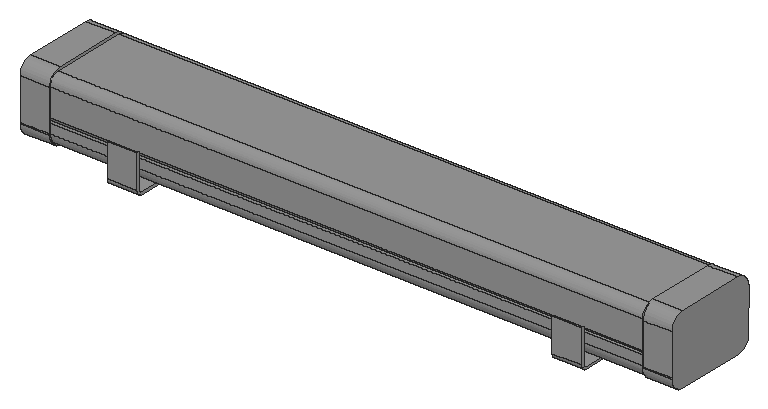
Revit family "EURS_63_LF_FB_Pacific LED_WT490C L700", category Lighting Fixtures, host Face, Revit 2019
Family settings
  Host = Face
  Round Connector Dimension = Use Diameter
  Part Type = Normal
  Cut with Voids When Loaded = No
  Light Source = No
  Shared = Yes
  Room Calculation Point = No
Parameters
  Width = 96 mm
  Visibility 2D symbol [instance] = not(Visibility 2D outline)  # yes
  Visibility 2D outline [instance] = no
  URL = "http://www.lighting.philips.com/main/home"
  Type Comments = "Face Based"
  Side = 30 mm
  Product catalog - URL = "http://www.lighting.philips.com/main/prof/indoor-luminaires/waterproof-and-cleanroom/waterproof-luminaires/pacific-led-gen4/910925863792_EU/product"
  Order code = ""
  Model = "WT490C L700"
  Manufacturer = "Philips"
  Light source = 82 mm
  Light loss factor = ""
  Length = 660 mm
  Last IES update = "23-11-2021"
  Lamp type = WT490C IES Data : PSD EL3 L700 1 xLED23S_830 NB-HRO
  Lamp = "LAMP TYPE"
  Initial luminous flux (lm) = ""
  Init. Corr. Color Temperature (K) = ""
  Hanger distance = 420 mm
  Hanger = 30 mm
  Fixture code = ""
  ETIM code URL = ""
  ETIM code = ""
  EOC = "EOC CODE"
  Description = "PacificLED Gen5"
  Default Elevation = 0 mm
  Content version = "1.0"
  Content modified date = "23-11-2021"
  Content creation date = "29-07-2021"
  Content Creator = "https://www.cadac.com/bimcontent"
  BIM Library - URL = "http://www.lighting.philips.com/main/support/support/revit-library#page=1"
  Armatuurcode [instance] = ""
  Apparent Load = 15.1 VA
  12NC = ""
Reference planes
  plane 1 "Center (Front/Back)": y = 0
  plane 2: z = 0
  plane 3 "Center (Left/Right)": x = 0
  plane 4: y = 48
  plane 5: y = -48
  plane 6: x = -330
  plane 7: x = 330
  plane 8: x = -210
  plane 9: x = 210
  plane 10 "Light source": z = 82
Forms (mm)
  Extrusion 1, solid, material "Polycarbonate"
    sketch origin (0, 0, 0) x (0, 1, 0) y (0, 0, 1)
      loop
        line (48, 25.295) -> (48, 35.5)
        arc (48, 35.5) -> (47.268, 37.268) -> (45.5, 38) r 2.5
        line (45.5, 38) -> (36, 38) -> (36, 58) -> (-36, 58) -> (-36, 38) -> (-45.5, 38)
        arc (-45.5, 38) -> (-47.268, 37.268) -> (-48, 35.5) r 2.5
        line (-48, 35.5) -> (-48, 25.295)
        arc (-48, 25.295) -> (-44.106, 15.894) -> (-34.705, 12) r 13.295
        line (-34.705, 12) -> (34.705, 12)
        arc (34.705, 12) -> (44.106, 15.894) -> (48, 25.295) r 13.295
    from -300 to 300
  Extrusion 2, solid, material "Polycarbonate-clear"
    sketch origin (0, 0, 0) x (0, 1, 0) y (0, 0, 1)
      loop
        arc (47.685, 38) -> (47.92, 38.568) -> (48, 39.178) r 2.359
        line (48, 39.178) -> (48, 68.018)
        arc (48, 68.018) -> (45.068, 75.097) -> (37.988, 78.03) r 10.012
        line (37.988, 78.03) -> (-38.064, 78.03)
        arc (-38.064, 78.03) -> (-45.179, 75.082) -> (-48.126, 67.967) r 10.062
        line (-48.126, 67.967) -> (-48.126, 39.501)
        arc (-48.126, 39.501) -> (-48.013, 38.719) -> (-47.685, 38) r 2.775
        line (-47.685, 38) -> (47.685, 38)
    from -300 to 300
  Extrusion 3, solid, material "Steel"
    sketch origin (0, 0, 0) x (0, 1, 0) y (0, 0, 1)
      loop
        line (48, 38) -> (48, 5.933)
        arc (48, 5.933) -> (46.848, 3.152) -> (44.067, 2) r 3.933
        line (44.067, 2) -> (-44.067, 2)
        arc (-44.067, 2) -> (-46.848, 3.152) -> (-48, 5.933) r 3.933
        line (-48, 5.933) -> (-48, 38) -> (-41, 38) -> (-41, 40) -> (-50, 40) -> (-50, 5.933)
        arc (-50, 5.933) -> (-48.262, 1.738) -> (-44.067, 0) r 5.933
        line (-44.067, 0) -> (44.067, 0)
        arc (44.067, 0) -> (48.262, 1.738) -> (50, 5.933) r 5.933
        line (50, 5.933) -> (50, 40) -> (41, 40) -> (41, 38) -> (48, 38)
    from 210 to 240
  Extrusion 4, solid, material "Steel"
    sketch origin (0, 0, 0) x (0, 1, 0) y (0, 0, 1)
      loop
        line (48, 38) -> (48, 5.933)
        arc (48, 5.933) -> (46.848, 3.152) -> (44.067, 2) r 3.933
        line (44.067, 2) -> (-44.067, 2)
        arc (-44.067, 2) -> (-46.848, 3.152) -> (-48, 5.933) r 3.933
        line (-48, 5.933) -> (-48, 38) -> (-41, 38) -> (-41, 40) -> (-50, 40) -> (-50, 5.933)
        arc (-50, 5.933) -> (-48.262, 1.738) -> (-44.067, 0) r 5.933
        line (-44.067, 0) -> (44.067, 0)
        arc (44.067, 0) -> (48.262, 1.738) -> (50, 5.933) r 5.933
        line (50, 5.933) -> (50, 40) -> (41, 40) -> (41, 38) -> (48, 38)
    from -240 to -210
  Extrusion 5, solid, material "Polycarbonate"
    sketch origin (0, 0, 0) x (0, 1, 0) y (0, 0, 1)
      loop
        line (34.705, 80) -> (-34.705, 80)
        arc (-34.705, 80) -> (-44.106, 76.106) -> (-48, 66.705) r 13.295
        line (-48, 66.705) -> (-48, 24.733) -> (-48, 23.295)
        arc (-48, 23.295) -> (-44.106, 13.894) -> (-34.705, 10) r 13.295
        line (-34.705, 10) -> (34.705, 10)
        arc (34.705, 10) -> (44.106, 13.894) -> (48, 23.295) r 13.295
        line (48, 23.295) -> (48, 25.812) -> (48, 66.705)
        arc (48, 66.705) -> (44.106, 76.106) -> (34.705, 80) r 13.295
    from 300 to 330
  Extrusion 6, solid, material "Polycarbonate"
    sketch origin (0, 0, 0) x (0, 1, 0) y (0, 0, -1)
      loop
        arc (34.705, -80) -> (44.106, -76.106) -> (48, -66.705) r 13.295
        line (48, -66.705) -> (48, -25.812) -> (48, -23.295)
        arc (48, -23.295) -> (44.106, -13.894) -> (34.705, -10) r 13.295
        line (34.705, -10) -> (-34.705, -10)
        arc (-34.705, -10) -> (-44.106, -13.894) -> (-48, -23.295) r 13.295
        line (-48, -23.295) -> (-48, -24.733) -> (-48, -66.705)
        arc (-48, -66.705) -> (-44.106, -76.106) -> (-34.705, -80) r 13.295
        line (-34.705, -80) -> (34.705, -80)
    from 300 to 330
Dimensions and locks
  equal spacing: host sketch curve, plane 1 "Center (Front/Back)", host sketch curve
  equal spacing: host sketch curve, plane 3 "Center (Left/Right)", host sketch curve
  equal spacing: plane 4, plane 1 "Center (Front/Back)", plane 5
  "Width": plane 4 to plane 5
  equal spacing: plane 7, plane 3 "Center (Left/Right)", plane 6
  "Length": plane 7 to plane 6
  "Side": Extrusion 5 to Extrusion 5
  equal spacing: plane 9, plane 3 "Center (Left/Right)", plane 8
  "Hanger distance": plane 9 to plane 8
  "Hanger": Extrusion 3 to Extrusion 3
  "Hanger": Extrusion 4 to Extrusion 4
  "Light source": plane 10 "Light source" to level
  "Side": Extrusion 6 to Extrusion 6
  aligned and locked: plane 2 to host face
  aligned and locked: level to host face
  aligned and locked: Extrusion 2 to Extrusion 5
  aligned and locked: Extrusion 1 to Extrusion 2
  aligned and locked: Extrusion 2 to Extrusion 1
  aligned and locked: Extrusion 2 to plane 4
  aligned and locked: plane 4 to Extrusion 4
  aligned and locked: Extrusion 4 to plane 5
  aligned and locked: plane 7 to Extrusion 5
  aligned and locked: Extrusion 3 to plane 9
  aligned and locked: plane 8 to Extrusion 4
  aligned and locked: Extrusion 6 to plane 6
  aligned and locked: Extrusion 2 to Extrusion 6
Automatic sketch dimensions
  Extrusion 1 sketch curve to plane 5 = 0 mm
  Extrusion 1 sketch curve to plane 4 = 0 mm
  Extrusion 1 sketch curve to Extrusion 1 sketch curve = 2.5 mm  (x2)
  Extrusion 1 sketch curve to Extrusion 1 sketch curve = 9.5 mm
  Extrusion 1 sketch curve to plane 5 = 13.295 mm
  Extrusion 1 sketch curve to Extrusion 1 sketch curve = 13.295 mm
  plane 4 to Extrusion 1 sketch curve = 12 mm
  level to Extrusion 1 sketch curve = 12 mm
  Extrusion 1 sketch curve to Extrusion 1 sketch curve = 10.205 mm  (x2)
  Extrusion 1 sketch curve to Extrusion 1 sketch curve = 20 mm
  Extrusion 2 sketch curve to plane 4 = 0 mm
  plane 4 to Extrusion 2 sketch curve = 0.315 mm
  Extrusion 2 sketch curve to Extrusion 2 sketch curve = 2.044 mm
  Extrusion 2 sketch curve to plane 10 "Light source" = 3.97 mm
  plane 4 to Extrusion 2 sketch curve = 10.012 mm
  Extrusion 2 sketch curve to plane 5 = 9.936 mm
  Extrusion 2 sketch curve to plane 5 = 2.649 mm
  Extrusion 2 sketch curve to plane 5 = 0.315 mm
  plane 5 to Extrusion 2 sketch curve = 0.126 mm
  Extrusion 2 sketch curve to Extrusion 2 sketch curve = 28.466 mm
  Extrusion 3 sketch curve to Extrusion 3 sketch curve = 0 mm  (x4)
  Extrusion 3 sketch curve to plane 5 = 0 mm
  Extrusion 3 sketch curve to level = 0 mm
  Extrusion 3 sketch curve to plane 4 = 0 mm
  Extrusion 3 sketch curve to Extrusion 3 sketch curve = 2 mm  (x3)
  Extrusion 3 sketch curve to Extrusion 3 sketch curve = 3.933 mm
  Extrusion 3 sketch curve to plane 5 = 7 mm
  Extrusion 3 sketch curve to Extrusion 3 sketch curve = 7 mm
  plane 4 to Extrusion 3 sketch curve = 3.933 mm
  Extrusion 3 sketch curve to Extrusion 3 sketch curve = 32.067 mm  (x2)
  Extrusion 4 sketch curve to Extrusion 4 sketch curve = 0 mm  (x4)
  Extrusion 4 sketch curve to plane 5 = 0 mm
  Extrusion 4 sketch curve to level = 0 mm
  Extrusion 4 sketch curve to plane 4 = 0 mm
  Extrusion 4 sketch curve to Extrusion 4 sketch curve = 2 mm  (x3)
  Extrusion 4 sketch curve to plane 5 = 3.933 mm
  Extrusion 4 sketch curve to plane 5 = 7 mm
  Extrusion 4 sketch curve to Extrusion 4 sketch curve = 7 mm
  plane 4 to Extrusion 4 sketch curve = 3.933 mm
  Extrusion 4 sketch curve to Extrusion 4 sketch curve = 32.067 mm  (x2)
  Extrusion 5 sketch curve to plane 5 = 0 mm
  Extrusion 5 sketch curve to plane 4 = 0 mm
  Extrusion 5 sketch curve to plane 10 "Light source" = 2 mm
  Extrusion 5 sketch curve to plane 5 = 13.295 mm
  Extrusion 5 sketch curve to Extrusion 5 sketch curve = 13.295 mm  (x2)
  plane 4 to Extrusion 5 sketch curve = 13.295 mm
  level to Extrusion 5 sketch curve = 25.812 mm
  level to Extrusion 5 sketch curve = 24.733 mm
  Extrusion 5 sketch curve to Extrusion 5 sketch curve = 1.438 mm
  Extrusion 6 sketch curve to plane 5 = 0 mm
  Extrusion 6 sketch curve to plane 4 = 0 mm
  Extrusion 6 sketch curve to plane 10 "Light source" = 2 mm
  Extrusion 6 sketch curve to plane 5 = 13.295 mm
  Extrusion 6 sketch curve to Extrusion 6 sketch curve = 13.295 mm  (x2)
  plane 4 to Extrusion 6 sketch curve = 13.295 mm
  level to Extrusion 6 sketch curve = 25.812 mm
  level to Extrusion 6 sketch curve = 24.733 mm
  Extrusion 6 sketch curve to Extrusion 6 sketch curve = 1.438 mm
Nested families
  nested 1: "2D-PL-Rechthoekig" at (0, 0, 0), Width <- "Width", lengte <- "Length", visible <- "Visibility 2D outline", type "2D symbool"
    with lengte 660 mm, Width 96 mm
  nested 2: "PL-TL armatuur plafond rechthoekig" at (0, 0, 0), visible <- "Visibility 2D symbol", l1 <- "Length", type "armatuur tl_generiek"
    with lengte 1200 mm, l1 660 mm
  nested 3: "WT490C IES Data" at (0, 0, 82) x (1, 0, 0) z (0, 0, -1), type <- "Lamp type", type "PSD EL3 L700 1 xLED23S_830 NB-HRO"
Connectors
  electrical at (0, 0, 0), driven by "Apparent Load"
    settings: on host face, index 1, voltage 230 V, apparent load 0 VA, apparent load phase1 15.1 VA, apparent load phase2 0 VA, apparent load phase3 0 VA, power factor 1, load classification "Lighting", number of poles 1, system type 31, power factor state 1, is connector primary yes, connector utility no, sub classification motor no, connector description ""
Definition of nested family "2D-PL-Rechthoekig"
  Parameters (values of type "2D symbool")
    lengte [instance] = 1200 mm
    Width [instance] = 100 mm
    Type Comments = "GEEN CALCULATIEOBJECT"
    Manufacturer = ""
    Description = "Armatuur 2D symbool"
    Copyright © Cadac = "www.cadac.com/aec"
    Cadac content versie = ""
    Assembly Code = ""
  Reference planes
    plane 1 "Center (Front/Back)": y = 0
    plane 2: z = 0
    plane 3 "Center (Left/Right)": x = 0
    plane 4: y = 150
    plane 5: y = -150
    plane 6: y = 176.777
    plane 7: x = -176.777
    plane 8: x = 176.777
    plane 9: y = -176.777
    plane 10 "Cadac Group AEC": y = 0
    plane 11: y = 400
    plane 12: y = -191.421
    plane 13: y = -206.066
    plane 14: y = -220.711
    plane 15: y = -235.355
  Lines and regions (mm)
    symbolic lines
      curve 1: line (600, 50, 0) -> (600, -50, 0)
      curve 2: line (-600, 50, 0) -> (-600, -50, 0)
      curve 3: line (-600, 50, 0) -> (600, 50, 0)
      curve 4: line (-600, -50, 0) -> (600, -50, 0)
  Dimensions and locks
    equal spacing: curve 2, plane 3 "Center (Left/Right)", curve 1
    "lengte": curve 2 to curve 1
    equal spacing: plane 5, plane 1 "Center (Front/Back)", plane 4
    locked: plane 4 to plane 5 at 300
    equal spacing: curve 4, plane 1 "Center (Front/Back)", curve 3
    "Width": curve 4 to curve 3
    locked: plane 7 to plane 8 at 353.553
    locked: plane 6 to plane 9 at 353.553
    equal spacing: plane 7, plane 3 "Center (Left/Right)", plane 8
    equal spacing: plane 6, plane 1 "Center (Front/Back)", plane 9
    locked: plane 1 "Center (Front/Back)" to plane 11 at 400
    equal spacing: plane 9, plane 12, plane 13, plane 14, plane 15
    locked: plane 9 to plane 15 at 58.579
    aligned and locked: plane 10 "Cadac Group AEC" to plane 1 "Center (Front/Back)"
Definition of nested family "PL-TL armatuur plafond rechthoekig"
  Parameters (values of type "armatuur tl_generiek")
    radius cirkel = 75 mm
    lengte [instance] = 1200 mm
    l1 [instance] = 1200 mm
    b2 = b1 * 2  # 100 mm
    b1 = 50 mm
    Type Comments = "GEEN CALCULATIEOBJECT"  # constant formula
    Manufacturer = ""
    Length lines in cirkel = (radius cirkel * 2) - 70 mm  # 80 mm
    Description = "Armatuur TL"
    Copyright © Cadac = "www.cadac.com/aec"
    Cadac content versie = "3.2"  # constant formula
    Assembly Code = ""
  Types (2, lengths in mm): name | radius cirkel | b2 | b1 | Length lines in cirkel
    armatuur tl_generiek | 75 | 100 | 50 | 80
    armatuur tl | 125 | 200 | 100 | 180
  Reference planes
    plane 1 "Center (Front/Back)": y = 0
    plane 2: z = 0
    plane 3 "Center (Left/Right)": x = 0
    plane 4: y = 50
    plane 5: y = -50
    plane 6: y = 176.777
    plane 7: x = -40
    plane 8: x = 40
    plane 9: y = -176.777
    plane 10 "Cadac Group AEC": y = 0
    plane 11: y = 400
    plane 12: y = -191.421
    plane 13: y = -206.066
    plane 14: y = -220.711
    plane 15: y = -235.355
  Lines and regions (mm)
    symbolic lines
      curve 1: circle (0, 0, 0) r 75 normal (0, 0, 1)
      curve 2: line (600, 50, 0) -> (600, -50, 0)
      curve 3: line (600, -8.333, 0) -> (74.536, -8.333, 0)
      curve 4: line (600, 8.333, 0) -> (74.536, 8.333, 0)
      curve 5: line (600, 25, 0) -> (70.711, 25, 0)
      curve 6: line (600, -25, 0) -> (70.711, -25, 0)
      curve 7: line (-600, 50, 0) -> (-600, -50, 0)
      curve 8: line (-600, -8.333, 0) -> (-74.536, -8.333, 0)
      curve 9: line (-600, 8.333, 0) -> (-74.536, 8.333, 0)
      curve 10: line (-600, 25, 0) -> (-70.711, 25, 0)
      curve 11: line (-600, -25, 0) -> (-70.711, -25, 0)
      curve 12: line (-40, 63.443, 0) -> (40, -63.443, 0)
      curve 13: line (-40, -63.443, 0) -> (40, 63.443, 0)
  Dimensions and locks
    equal spacing: curve 7, plane 3 "Center (Left/Right)", curve 2
    "l1": curve 7 to curve 2
    equal spacing: plane 5, plane 1 "Center (Front/Back)", plane 4
    equal spacing: curve 5, curve 4, curve 3, curve 6
    equal spacing: curve 5, plane 1 "Center (Front/Back)", curve 6
    "b1": curve 5 to curve 6
    equal spacing: curve 11, curve 8, curve 9, curve 10
    equal spacing: curve 11, plane 1 "Center (Front/Back)", curve 10
    "b1": curve 11 to curve 10
    "Length lines in cirkel": plane 7 to plane 8
    locked: plane 6 to plane 9 at 353.553
    equal spacing: plane 7, plane 3 "Center (Left/Right)", plane 8
    equal spacing: plane 6, plane 1 "Center (Front/Back)", plane 9
    locked: plane 1 "Center (Front/Back)" to plane 11 at 400
    equal spacing: plane 9, plane 12, plane 13, plane 14, plane 15
    locked: plane 9 to plane 15 at 58.579
    "b2": plane 5 to plane 4
    "radius cirkel": radius of curve 1
    aligned and locked: plane 4 to curve 7
    aligned and locked: plane 4 to curve 2
    aligned and locked: plane 5 to curve 2
    aligned and locked: plane 5 to curve 7
    aligned and locked: plane 10 "Cadac Group AEC" to plane 1 "Center (Front/Back)"
    aligned and locked: plane 7 to curve 12
    aligned and locked: plane 7 to curve 13
    aligned and locked: plane 8 to curve 13
    aligned and locked: plane 8 to curve 12
  Automatic sketch dimensions
    plane 1 "Center (Front/Back)" to curve 1 = 0 mm
    curve 1 to plane 3 "Center (Left/Right)" = 0 mm
Definition of nested family "WT490C IES Data"
  Parameters (values of type "PSU L700 1 xLED23S_840 WB")
    Wattage = 15.2 W
    built-in parameter 1150110 = 1 (stored number, unit not read)
    built-in parameter 1114217 = 1 (stored number, unit not read)
    Tilt Angle = 90.00°
    built-in parameter 1150109 = 1 (stored number, unit not read)
    built-in parameter 1150134 = 12
    built-in parameter 1150113 = 1 (stored number, unit not read)
    Photometric Web File = "WT490C PSU L700 1 xLED23S_840 WB.ies"
    Model = "WT490C"
    Manufacturer = "Philips"
    built-in parameter 1150105 = 183.03 (stored number, unit not read)
    Lumens = 2300 lm
    built-in parameter 1150115 = 1 (stored number, unit not read)
    built-in parameter 1150137 = (empty or 0)
    built-in parameter 1150139 = (empty or 0)
    built-in parameter 1150112 = 1 (stored number, unit not read)
    built-in parameter 1150114 = 1 (stored number, unit not read)
    Lamp = "LED23S/840"
    built-in parameter 1150132 = (empty or 0)
    built-in parameter 1150102 = (empty or 0)
    built-in parameter 1150107 = 4000 (stored number, unit not read)
    built-in parameter 1150138 = (empty or 0)
    built-in parameter 1150106 = 1.8303 (stored number, unit not read)
    Emit from Rectangle Width = 90 mm
    Emit from Rectangle Length = 560 mm
    Emit Shape Visible in Rendering = yes
    built-in parameter 1150104 = 14.058 (stored number, unit not read)
    Dimming Lamp Color Temperature Shift = (empty or 0)
    Description = ""
    Default Elevation = 0 mm
    Content Creator = "https://www.cadac.com/bimcontent"
    Color Filter = 16777215
    built-in parameter 1114218 = 1 (stored number, unit not read)
    built-in parameter 1150133 = 10 (stored number, unit not read)
    Apparent Load = 15.2 VA
  Types (24, lengths in mm): name | Wattage | built-in parameter 1150134 | Photometric Web File | built-in parameter 1150105 | Lumens | Lamp | built-in parameter 1150107 | built-in parameter 1150106 | built-in parameter 1150104 | Apparent Load
    PSU L700 1 xLED23S_840 WB | 15.2 W | 12 | "WT490C PSU L700 1 xLED23S_840 WB.ies" | 183.03 (stored number, unit not read) | 2300 lm | "LED23S/840" | 4000 (stored number, unit not read) | 1.8303 (stored number, unit not read) | 14.058 (stored number, unit not read) | 15.2 VA
    PSU L700 1 xLED23S_840 VWB | 15.2 W | 12 | "WT490C PSU L700 1 xLED23S_840 VWB.ies" | 183.03 (stored number, unit not read) | 2300 lm | "LED23S/840" | 4000 (stored number, unit not read) | 1.8303 (stored number, unit not read) | 14.058 (stored number, unit not read) | 15.2 VA
    PSU L700 1 xLED23S_840 NB-HRO | 15.2 W | 12 | "WT490C PSU L700 1 xLED23S_840 NB-HRO.ies" | 183.03 (stored number, unit not read) | 2300 lm | "LED23S/840" | 4000 (stored number, unit not read) | 1.8303 (stored number, unit not read) | 14.058 (stored number, unit not read) | 15.2 VA
    PSU L700 1 xLED23S_830 WB | 15.2 W | (empty or 0) | "WT490C PSU L700 1 xLED23S_830 WB.ies" | 175.07 (stored number, unit not read) | 2200 lm | "LED23S/830" | 3000 (stored number, unit not read) | 1.7507 (stored number, unit not read) | 13.446 (stored number, unit not read) | 15.2 VA
    PSU L700 1 xLED23S_830 VWB | 15.2 W | (empty or 0) | "WT490C PSU L700 1 xLED23S_830 VWB.ies" | 175.07 (stored number, unit not read) | 2200 lm | "LED23S/830" | 3000 (stored number, unit not read) | 1.7507 (stored number, unit not read) | 13.446 (stored number, unit not read) | 15.2 VA
    PSU L700 1 xLED23S_830 NB-HRO | 15.2 W | (empty or 0) | "WT490C PSU L700 1 xLED23S_830 NB-HRO.ies" | 175.07 (stored number, unit not read) | 2200 lm | "LED23S/830" | 3000 (stored number, unit not read) | 1.7507 (stored number, unit not read) | 13.446 (stored number, unit not read) | 15.2 VA
    PSU EL3 L700 1 xLED23S_840 WB | 3 W | 12 | "WT490C PSU EL3 L700 1 xLED23S_840 WB.ies" | 39.789 (stored number, unit not read) | 500 lm | "LED23S/840" | 4000 (stored number, unit not read) | 0.39789 (stored number, unit not read) | 15.484 (stored number, unit not read) | 3 VA
    PSU EL3 L700 1 xLED23S_840 VWB | 3 W | 12 | "WT490C PSU EL3 L700 1 xLED23S_840 VWB.ies" | 39.789 (stored number, unit not read) | 500 lm | "LED23S/840" | 4000 (stored number, unit not read) | 0.39789 (stored number, unit not read) | 15.484 (stored number, unit not read) | 3 VA
    PSU EL3 L700 1 xLED23S_840 NB-HRO | 3 W | 12 | "WT490C PSU EL3 L700 1 xLED23S_840 NB-HRO.ies" | 39.789 (stored number, unit not read) | 500 lm | "LED23S/840" | 4000 (stored number, unit not read) | 0.39789 (stored number, unit not read) | 15.484 (stored number, unit not read) | 3 VA
    PSU EL3 L700 1 xLED23S_830 WB | 3 W | (empty or 0) | "WT490C PSU EL3 L700 1 xLED23S_830 WB.ies" | 39.789 (stored number, unit not read) | 500 lm | "LED23S/830" | 3000 (stored number, unit not read) | 0.39789 (stored number, unit not read) | 15.484 (stored number, unit not read) | 3 VA
    PSU EL3 L700 1 xLED23S_830 VWB | 3 W | (empty or 0) | "WT490C PSU EL3 L700 1 xLED23S_830 VWB.ies" | 39.789 (stored number, unit not read) | 500 lm | "LED23S/830" | 3000 (stored number, unit not read) | 0.39789 (stored number, unit not read) | 15.484 (stored number, unit not read) | 3 VA
    PSU EL3 L700 1 xLED23S_830 NB-HRO | 3 W | (empty or 0) | "WT490C PSU EL3 L700 1 xLED23S_830 NB-HRO.ies" | 39.789 (stored number, unit not read) | 500 lm | "LED23S/830" | 3000 (stored number, unit not read) | 0.39789 (stored number, unit not read) | 15.484 (stored number, unit not read) | 3 VA
    PSD L700 1 xLED23S_840 WB | 14.4 W | 12 | "WT490C PSD L700 1 xLED23S_840 WB.ies" | 183.03 (stored number, unit not read) | 2300 lm | "LED23S/840" | 4000 (stored number, unit not read) | 1.8303 (stored number, unit not read) | 14.839 (stored number, unit not read) | 14.4 VA
    PSD L700 1 xLED23S_840 VWB | 14.4 W | 12 | "WT490C PSD L700 1 xLED23S_840 VWB.ies" | 183.03 (stored number, unit not read) | 2300 lm | "LED23S/840" | 4000 (stored number, unit not read) | 1.8303 (stored number, unit not read) | 14.839 (stored number, unit not read) | 14.4 VA
    PSD L700 1 xLED23S_840 NB-HRO | 14.4 W | 12 | "WT490C PSD L700 1 xLED23S_840 NB-HRO.ies" | 183.03 (stored number, unit not read) | 2300 lm | "LED23S/840" | 4000 (stored number, unit not read) | 1.8303 (stored number, unit not read) | 14.839 (stored number, unit not read) | 14.4 VA
    PSD L700 1 xLED23S_830 WB | 14.4 W | (empty or 0) | "WT490C PSD L700 1 xLED23S_830 WB.ies" | 175.07 (stored number, unit not read) | 2200 lm | "LED23S/830" | 3000 (stored number, unit not read) | 1.7507 (stored number, unit not read) | 14.194 (stored number, unit not read) | 14.4 VA
    PSD L700 1 xLED23S_830 VWB | 14.4 W | (empty or 0) | "WT490C PSD L700 1 xLED23S_830 VWB.ies" | 175.07 (stored number, unit not read) | 2200 lm | "LED23S/830" | 3000 (stored number, unit not read) | 1.7507 (stored number, unit not read) | 14.194 (stored number, unit not read) | 14.4 VA
    PSD L700 1 xLED23S_830 NB-HRO | 14.4 W | (empty or 0) | "WT490C PSD L700 1 xLED23S_830 NB-HRO.ies" | 175.07 (stored number, unit not read) | 2200 lm | "LED23S/830" | 3000 (stored number, unit not read) | 1.7507 (stored number, unit not read) | 14.194 (stored number, unit not read) | 14.4 VA
    PSD EL3 L700 1 xLED23S_840 WB | 3 W | 12 | "WT490C PSD EL3 L700 1 xLED23S_840 WB.ies" | 39.789 (stored number, unit not read) | 500 lm | "LED23S/840" | 4000 (stored number, unit not read) | 0.39789 (stored number, unit not read) | 15.484 (stored number, unit not read) | 3 VA
    PSD EL3 L700 1 xLED23S_840 VWB | 3 W | 12 | "WT490C PSD EL3 L700 1 xLED23S_840 VWB.ies" | 39.789 (stored number, unit not read) | 500 lm | "LED23S/840" | 4000 (stored number, unit not read) | 0.39789 (stored number, unit not read) | 15.484 (stored number, unit not read) | 3 VA
    PSD EL3 L700 1 xLED23S_840 NB-HRO | 3 W | 12 | "WT490C PSD EL3 L700 1 xLED23S_840 NB-HRO.ies" | 39.789 (stored number, unit not read) | 500 lm | "LED23S/840" | 4000 (stored number, unit not read) | 0.39789 (stored number, unit not read) | 15.484 (stored number, unit not read) | 3 VA
    PSD EL3 L700 1 xLED23S_830 WB | 3 W | (empty or 0) | "WT490C PSD EL3 L700 1 xLED23S_830 WB.ies" | 39.789 (stored number, unit not read) | 500 lm | "LED23S/830" | 3000 (stored number, unit not read) | 0.39789 (stored number, unit not read) | 15.484 (stored number, unit not read) | 3 VA
    PSD EL3 L700 1 xLED23S_830 VWB | 3 W | (empty or 0) | "WT490C PSD EL3 L700 1 xLED23S_830 VWB.ies" | 39.789 (stored number, unit not read) | 500 lm | "LED23S/830" | 3000 (stored number, unit not read) | 0.39789 (stored number, unit not read) | 15.484 (stored number, unit not read) | 3 VA
    PSD EL3 L700 1 xLED23S_830 NB-HRO | 3 W | (empty or 0) | "WT490C PSD EL3 L700 1 xLED23S_830 NB-HRO.ies" | 39.789 (stored number, unit not read) | 500 lm | "LED23S/830" | 3000 (stored number, unit not read) | 0.39789 (stored number, unit not read) | 15.484 (stored number, unit not read) | 3 VA
  Reference planes
    plane 1 "Center (Front/Back)": y = 0
    plane 2: z = 0
    plane 3 "Center (Left/Right)": x = 0
  Forms (mm)
    Extrusion 1, solid
      sketch origin (0, 0, 0) x (1, 0, 0) y (0, 1, 0)
        loop
          line (-1219.2, 1219.2) -> (-1219.2, -1219.2) -> (1219.2, -1219.2) -> (1219.2, 1219.2) -> (-1219.2, 1219.2)
      from 0 to 123.942
  Dimensions and locks
    aligned and locked: plane 2 to Extrusion 1
    aligned and locked: level to Extrusion 1
